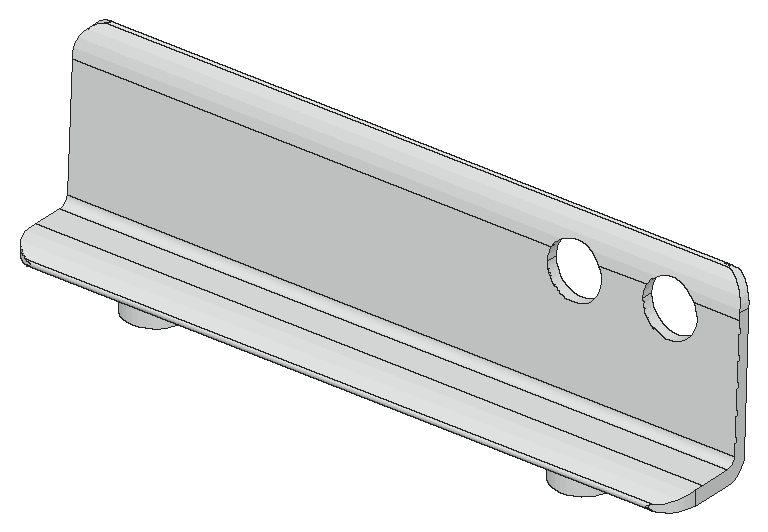
Revit family "Accessory-Shower_Shelf-KOHLER-Choreograph-K-97622", category Specialty Equipment, host Face, Revit 2021
Family settings
  Host = Face
  Round Connector Dimension = Use Diameter
  Part Type = Normal
  OmniClass Number = 23.31.25.00
  Cut with Voids When Loaded = No
  Shared = No
  Room Calculation Point = No
Parameters (values of type "SHP-Bright Polished Silver")
  Width = 14.01575"  # constant formula
  WaterSense Certified = 1 = 0  # no
  URL = "https://www.us.kohler.com/us/"
  Type = 1
  Product Page URL = "http://www.us.kohler.com/us/catalog/productDetails.jsp?productNumber=97622"
  Product Name = "Choreograph"  # constant formula
  Product Documentation Link = "https://www.us.kohler.com/webassets/kpna/catalog/pdf/en/K-97622_spec_US-CA_Kohler_en.pdf"
  Model = if(Type = 1, "K-97622-SHP", if(Type = 2, "K-97622-BNK", if(Type = 3, "K-97622-ABZ", if(Type = 4, "K-97622-BL", if(Type = 5, "K-97622-2MB", "NA")))))  # "K-97622-SHP"
  Material = "Anodized Aluminium"  # constant formula
  Master Format 2014 Name = "Toilet, Bath, and Laundry Accessories"  # constant formula
  Master Format 2014 = "10 28 00"  # constant formula
  Manufacturer Address = "444 Highland Dr, Kohler, WI 53044"  # constant formula
  Manufacturer = "Kohler Co."  # constant formula
  Length = 4.15748"  # constant formula
  Height = 2.22449"  # constant formula
  Finish = Kohler-Metal-SHP-Bright_Polished_Silver
  Environmental Product Declaration = ""
  Description = "14 Inch  Floating Shower Shelf"  # constant formula
  Default Elevation = 42"
  Declare Label = ""
  Date Modified = "09/17/2024"  # constant formula
  Date Created = "09/17/2021"  # constant formula
  Copyright = "Copyright Kohler Co."  # constant formula
  Contact Us = "https://www.us.kohler.com/us/static/contact.jsp"
  Assembly Code = "C1030200"
  ADA Compliant = 1 = 0  # no
Types (6): name | Type | Model | Finish
  (no name) | 1 | "K-97622-SHP" | Kohler-Metal-SHP-Bright_Polished_Silver
  SHP-Bright Polished Silver | 1 | "K-97622-SHP" | Kohler-Metal-SHP-Bright_Polished_Silver
  BNK-Anodized Brushed Nickel | 2 | "K-97622-BNK" | Kohler-Metal-BNK-Anodized_Brushed_Nickel
  ABZ-Anodized Dark Bronze | 3 | "K-97622-ABZ" | Kohler-Metal-ABZ-Anodized_Dark_Bronze
  BL-Matte Black | 4 | "K-97622-BL" | Kohler-Metal-BL-Matte_Black
  2MB-Vibrant Brushed Moderne Brass | 5 | "K-97622-2MB" | Kohler-Metal-2MB-Vibrant_Brushed_Moderne_Brass
Reference planes (in)
  plane 1 "Center (Front/Back)": y = 0
  plane 2: z = 0
  plane 3 "Center (Left/Right)": x = 0
  plane 4: z = 4.15748
  plane 5: y = 2.22449
  plane 6: x = 7.00787
  plane 7: x = -7.00787
  plane 8: z = 0.45276
  plane 9: x = -4.5
  plane 10: x = 4.5
Dimensions and locks (in)
  "Length": level to plane 4
  "Width": plane 7 to plane 6
  "Height": plane 1 "Center (Front/Back)" to plane 5
  aligned and locked: plane 2 to host face
  aligned and locked: level to host face
  aligned and locked: nested 1 to plane 3 "Center (Left/Right)"
  aligned and locked: nested 1 to plane 5
Automatic sketch dimensions
  host sketch curve to host sketch curve = 96"  (x2)
Nested families (in)
  nested 1: "K-97622" at (0, 2.44611, 0.45276) x (-1, 0, 0) z (0, 0, 1), type "K-97622"
Definition of nested family "K-97622"
  Parameters
    Material = none
    Default Elevation = 0"
  Reference planes (in)
    plane 1 "Center (Front/Back)": y = 0.22162
    plane 2: z = 0
    plane 3 "Center (Left/Right)": x = 0
    plane 4: x = 7.00787
    plane 5: y = 2.44603
    plane 6: z = 3.70472
    plane 7: x = -7.00787
    plane 8: z = -0.45276
    plane 9: x = -4.5
    plane 10: x = 4.5
  Forms (in)
    Extrusion 1, solid, material <- "Material", detail levels medium+fine
      sketch origin (0, 2.43575, 0) x (0, -1, 0) y (0, 0, 1)
        loop
          line (0.10201, 0) -> (1.49785, 0)
          arc (1.49785, 0) -> (1.79175, 0.11874) -> (1.92067, 0.40831) r 0.42307
          line (1.92067, 0.40831) -> (2.00992, 2.96398)
          arc (2.00992, 2.96398) -> (2.06553, 3.29959) -> (2.20512, 3.60982) r 1.31913
          arc (2.20512, 3.60982) -> (2.19006, 3.69182) -> (2.10694, 3.68531) r 0.06225
          arc (2.10694, 3.68531) -> (1.89196, 3.3588) -> (1.80322, 2.97807) r 1.11238
          line (1.80322, 2.97807) -> (1.67221, 0.47813)
          arc (1.67221, 0.47813) -> (1.61388, 0.35162) -> (1.48449, 0.3) r 0.18797
          line (1.48449, 0.3) -> (0.8363, 0.3)
          arc (0.8363, 0.3) -> (0.44459, 0.25463) -> (0.07362, 0.12092) r 1.71359
          arc (0.07362, 0.12092) -> (0.03991, 0.04921) -> (0.10201, 0) r 0.06379
      from -7.00787 to 7.00787
    Extrusion 2, void
      sketch origin (0, 2.43575, -0.33219) x (-1, 0, 0) y (0, 0, 1)
        loop
          arc (-7.00787, 3.44183) -> (-6.83358, 3.86261) -> (-6.41279, 4.03691) r 0.59508
          line (-6.41279, 4.03691) -> (-7.16279, 4.03691) -> (-7.16279, 3.44183) -> (-7.00787, 3.44183)
        loop
          line (7.00787, 3.44183) -> (7.2151, 3.44183) -> (7.2151, 4.03691) -> (6.41279, 4.03691)
          arc (6.41279, 4.03691) -> (6.83358, 3.86261) -> (7.00787, 3.44183) r 0.59508
      from -2.50197 to -1.5671
    Extrusion 3, void
      sketch origin (0, 2.43575, 0) x (-1, 0, 0) y (0, -1, 0)
        loop
          arc (-6.39461, 0.03636) -> (-6.82825, 0.21598) -> (-7.00787, 0.64962) r 0.61326
          line (-7.00787, 0.64962) -> (-7.50787, 0.64962) -> (-7.50787, -0.35038) -> (-6.39461, -0.35038) -> (-6.39461, 0.03636)
        loop
          line (6.39461, 0.03636) -> (6.39461, -0.35038) -> (7.57144, -0.35038) -> (7.57144, 0.64962) -> (7.00787, 0.64962)
          arc (7.00787, 0.64962) -> (6.82825, 0.21598) -> (6.39461, 0.03636) r 0.61326
      from -0.1425 to 0.39189
    Extrusion 4, solid, material <- "Material", detail levels coarse
      sketch origin (0, 0, 0) x (0, 1, 0) y (0, 0, 1)
        loop
          line (2.40155, 0) -> (2.40155, 0.30052) -> (0.7661, 0.30052) -> (0.61922, 3.70661) -> (0.35778, 3.70661) -> (0.51762, 0) -> (2.40155, 0)
      from -7.00787 to 7.00787
    Extrusion 5, void
      sketch origin (0, 0.22162, 0) x (1, 0, 0) y (0, 0, 1)
        loop
          circle (-5.56342, 2.69985) r 0.57087
        loop
          circle (-3.5579, 2.69985) r 0.57087
      from -2.3053 to 0.47738
    Extrusion 6, solid, material <- "Material"
      sketch origin (0, 0, 0) x (1, 0, 0) y (0, 1, 0)
        loop
          circle (-4.5, 1.56283) r 0.625
        loop
          circle (4.5, 1.56283) r 0.625
      from -0.45276 to 0
  Cuts and joins
    Extrusion 2, Extrusion 3, Extrusion 5 cuts Extrusion 1
  Lines and regions (in)
    Masking region 1
      outline origin (0, 0, 0) x (0, 1, 0) y (0, 0, 1)
        loop
          arc (0.63268, 2.97816) -> (0.62459, 3.06582) -> (0.60961, 3.15256) r 1.11238
          spline (0.60961, 3.15256) -> (0.59544, 3.21105) -> (0.57846, 3.26766) -> (0.55882, 3.32239) -> (0.53682, 3.37498) -> (0.51291, 3.42497) -> (0.48749, 3.472) -> (0.46097, 3.51594) -> (0.43383, 3.55667) -> (0.40656, 3.59401) -> (0.37973, 3.62782) -> (0.35387, 3.65801) -> (0.32925, 3.68484)
          arc (0.32925, 3.68484) -> (0.24598, 3.69204) -> (0.23059, 3.60989) r 0.06225
          arc (0.23059, 3.60989) -> (0.32675, 3.41875) -> (0.3893, 3.21413) r 1.26394
          arc (0.3893, 3.21413) -> (0.41444, 3.08197) -> (0.42598, 2.94792) r 1.31913
          line (0.42598, 2.94792) -> (0.51467, 0.40831)
          arc (0.51467, 0.40831) -> (0.64359, 0.11874) -> (0.93748, 0) r 0.42307
          line (0.93748, 0) -> (0.93748, -0.45276) -> (2.18783, -0.45276) -> (2.18783, 0) -> (2.38224, 0)
          arc (2.38224, 0) -> (2.44453, 0.05002) -> (2.40914, 0.12164) r 0.06379
          spline (2.40914, 0.12164) -> (2.38225, 0.13788) -> (2.35191, 0.15388) -> (2.31829, 0.16955) -> (2.28163, 0.18478) -> (2.24215, 0.19947) -> (2.20011, 0.21353) -> (2.15579, 0.22686) -> (2.10946, 0.23939) -> (2.06143, 0.25103) -> (2.012, 0.26171) -> (1.9615, 0.27135) -> (1.91023, 0.27981)
          arc (1.91023, 0.27981) -> (1.77948, 0.29494) -> (1.64795, 0.3) r 1.71359
          line (1.64795, 0.3) -> (0.95141, 0.3)
          arc (0.95141, 0.3) -> (0.82202, 0.35162) -> (0.7637, 0.47813) r 0.18797
          line (0.7637, 0.47813) -> (0.63268, 2.97816)
    Masking region 2
      outline origin (0, 0, 0) x (1, 0, 0) y (0, 1, 0)
        loop
          line (-7.00787, 1.83354) -> (-7.00787, 0.40151)
          spline (-7.00787, 0.40151) -> (-7.00489, 0.3906) -> (-6.99901, 0.37889) -> (-6.99026, 0.36641) -> (-6.97868, 0.35323) -> (-6.96432, 0.33942) -> (-6.94726, 0.32504) -> (-6.92758, 0.31015) -> (-6.90536, 0.29483) -> (-6.88071, 0.27915) -> (-6.85375, 0.26319) -> (-6.82461, 0.24702) -> (-6.79343, 0.23071)
          arc (-6.79343, 0.23071) -> (-6.77276, 0.22392) -> (-6.75113, 0.22162) r 0.10298
          line (-6.75113, 0.22162) -> (-3.50654, 0.22162) -> (6.7458, 0.22162)
          arc (6.7458, 0.22162) -> (6.77005, 0.22391) -> (6.79345, 0.2307) r 0.12958
          spline (6.79345, 0.2307) -> (6.82428, 0.24898) -> (6.85314, 0.26683) -> (6.87988, 0.28414) -> (6.90438, 0.30084) -> (6.92652, 0.31685) -> (6.94619, 0.33208) -> (6.96329, 0.34647) -> (6.97774, 0.35994) -> (6.98948, 0.37242) -> (6.99844, 0.38387) -> (7.00458, 0.39422) -> (7.00787, 0.40342)
          line (7.00787, 0.40342) -> (7.00787, 1.83354)
          arc (7.00787, 1.83354) -> (6.83898, 2.25619) -> (6.42531, 2.44603) r 0.61326
          line (6.42531, 2.44603) -> (-6.42531, 2.44603)
          arc (-6.42531, 2.44603) -> (-6.83898, 2.25619) -> (-7.00787, 1.83354) r 0.61326
    Masking region 3
      outline origin (0, 0.22162, 0) x (1, 0, 0) y (0, 0, 1)
        loop
          line (-7.00787, 3.10964) -> (-7.00787, 0) -> (-5.125, 0) -> (-5.125, -0.45276) -> (-3.875, -0.45276) -> (-3.875, 0) -> (3.875, 0) -> (3.875, -0.45276) -> (5.125, -0.45276) -> (5.125, 0) -> (7.00787, 0) -> (7.00787, 3.10964)
          arc (7.00787, 3.10964) -> (6.83358, 3.53043) -> (6.41279, 3.70472) r 0.59508
          line (6.41279, 3.70472) -> (-6.41279, 3.70472)
          arc (-6.41279, 3.70472) -> (-6.83358, 3.53043) -> (-7.00787, 3.10964) r 0.59508
        loop
          circle (-5.56342, 2.69985) r 0.57087
        loop
          circle (-3.5579, 2.69985) r 0.57087
    symbolic lines, detail levels medium+fine
      curve 1: line (-1.99672, 0.22162, 0) -> (1.99672, 0.22162, 0)
      curve 2: line (-7.00787, 0.61774, 0) -> (-6.67775, 0.33709, 0)
      curve 3: line (-6.67775, 0.33709, 0) -> (6.67775, 0.33709, 0)
      curve 4: line (6.67775, 0.33709, 0) -> (7.00787, 0.61774, 0)
      curve 5: line (-5.06494, 0.63253, 0) -> (-6.0619, 0.63253, 0)
      curve 6: spline (-6.12773, 0.65163, 0) -> (-6.09192, 0.65843, 0) -> (-6.02664, 0.6646, 0) -> (-5.93553, 0.6698, 0) -> (-5.82366, 0.67374, 0) -> (-5.69727, 0.67619, 0) -> (-5.56342, 0.67702, 0) -> (-5.42956, 0.67619, 0) -> (-5.30318, 0.67374, 0) -> (-5.1913, 0.6698, 0) -> (-5.10019, 0.6646, 0) -> (-5.03491, 0.65843, 0) -> (-4.99911, 0.65163, 0)
      curve 7: spline (-4.99911, 0.65163, 0) -> (-4.99521, 0.65, 0) -> (-4.99304, 0.64835, 0) -> (-4.9926, 0.64671, 0) -> (-4.99389, 0.64506, 0) -> (-4.99691, 0.64342, 0) -> (-5.00164, 0.64179, 0) -> (-5.00807, 0.64018, 0) -> (-5.01619, 0.63859, 0) -> (-5.02597, 0.63703, 0) -> (-5.03738, 0.63549, 0) -> (-5.05038, 0.63399, 0) -> (-5.06494, 0.63253, 0)
      curve 8: spline (-6.0619, 0.63253, 0) -> (-6.07645, 0.63399, 0) -> (-6.08945, 0.63549, 0) -> (-6.10086, 0.63703, 0) -> (-6.11064, 0.63859, 0) -> (-6.11876, 0.64018, 0) -> (-6.12519, 0.64179, 0) -> (-6.12993, 0.64342, 0) -> (-6.13294, 0.64506, 0) -> (-6.13423, 0.64671, 0) -> (-6.13379, 0.64835, 0) -> (-6.13162, 0.65, 0) -> (-6.12773, 0.65163, 0)
      curve 9: spline (-4.12221, 0.65163, 0) -> (-4.08641, 0.65843, 0) -> (-4.02113, 0.6646, 0) -> (-3.93001, 0.6698, 0) -> (-3.81814, 0.67374, 0) -> (-3.69176, 0.67619, 0) -> (-3.5579, 0.67702, 0) -> (-3.42405, 0.67619, 0) -> (-3.29766, 0.67374, 0) -> (-3.18579, 0.6698, 0) -> (-3.09467, 0.6646, 0) -> (-3.02939, 0.65843, 0) -> (-2.99359, 0.65163, 0)
      curve 10: line (-3.05942, 0.63253, 0) -> (-4.05638, 0.63253, 0)
      curve 11: spline (-4.05638, 0.63253, 0) -> (-4.07094, 0.63399, 0) -> (-4.08394, 0.63549, 0) -> (-4.09535, 0.63703, 0) -> (-4.10513, 0.63859, 0) -> (-4.11325, 0.64018, 0) -> (-4.11968, 0.64179, 0) -> (-4.12441, 0.64342, 0) -> (-4.12743, 0.64506, 0) -> (-4.12872, 0.64671, 0) -> (-4.12828, 0.64835, 0) -> (-4.12611, 0.65, 0) -> (-4.12221, 0.65163, 0)
      curve 12: spline (-2.99359, 0.65163, 0) -> (-2.9897, 0.65, 0) -> (-2.98753, 0.64835, 0) -> (-2.98709, 0.64671, 0) -> (-2.98838, 0.64506, 0) -> (-2.99139, 0.64342, 0) -> (-2.99613, 0.64179, 0) -> (-3.00256, 0.64018, 0) -> (-3.01068, 0.63859, 0) -> (-3.02046, 0.63703, 0) -> (-3.03186, 0.63549, 0) -> (-3.04487, 0.63399, 0) -> (-3.05942, 0.63253, 0)
      curve 13: line (-7.00787, 0.7661, 0) -> (7.00787, 0.7661, 0)
      curve 14: arc (6.66574, 0.28667, 0) -> (6.6598, 0.31473, 0) -> (6.67775, 0.33709, 0) r 0.03348
      curve 15: arc (6.79345, 0.2307, 0) -> (6.72236, 0.24217, 0) -> (6.66574, 0.28667, 0) r 0.14379
      curve 16: arc (-6.66574, 0.28667, 0) -> (-6.6598, 0.31473, 0) -> (-6.67775, 0.33709, 0) r 0.03348
      curve 17: arc (-6.79343, 0.23071, 0) -> (-6.72235, 0.24217, 0) -> (-6.66574, 0.28667, 0) r 0.14376
      curve 18: line (-5.125, 0.22162, 0) -> (-3.875, 0.22162, 0)
      curve 19: line (3.875, 0.22162, 0) -> (5.125, 0.22162, 0)
      curve 20: line (0, 2.18783, 0) -> (0, 0.93748, 0)
  Dimensions and locks (in)
    plane 6 to level = 3.70472"  (x2)
    plane 7 to plane 4 = 14.01575"
    plane 5 to plane 1 "Center (Front/Back)" = 2.22441"
    aligned and locked: plane 2 to level
    aligned and locked: Masking region 3 sketch curve to plane 6
    aligned and locked: Extrusion 6 to plane 8
